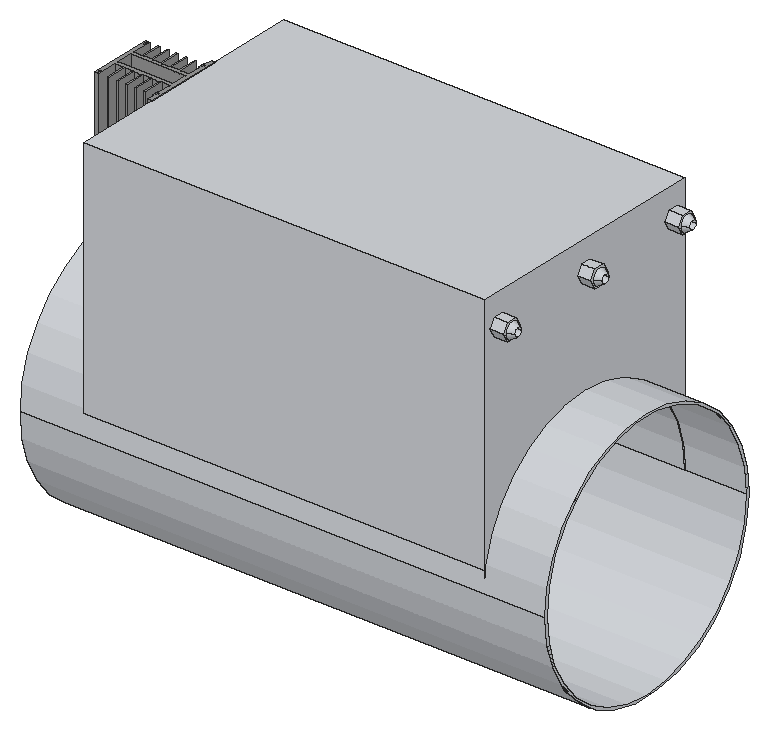
Revit family "НЕВАТОМ_Нaгреватель NEK-E, Версия 2", category Оборудование, Revit 2017
Family settings
  Размер круглого соединителя = Использовать диаметр
  Тип детали = Нормальный
  На основе рабочей плоскости = Нет
  Всегда вертикально = Да
  При загрузке вырезать с полостями = Нет
  Общий = Нет
  Точка расчета площади = Нет
Parameters (values of type "Нагреватель электрический NEK-E")
  Установка(Predict_3) Преднагрев = "см. информацию в каталоге 'Приточно-вытяжные установки', стр. 72"  # constant formula
  Установка(Predict_2) Преднагрев = "см. информацию в каталоге 'Приточно-вытяжные установки', стр. 72"  # constant formula
  Установка(Predict_1) Преднагрев = "см. информацию в каталоге 'Приточно-вытяжные установки', стр. 72"  # constant formula
  С/3 = C * 0.6  # 294 mm
  НЕВАТОМ_Минимальный расход воздуха = 420.6 m³/h
  НЕВАТОМ_URL = "https://t.me/NEVATOM_Bim_bot"
  НЕВАТОМ_NEIVA = if(and(НЕВАТОМ_Минимальный расход воздуха = 42.4 m³/h, ADSK_Номинальная мощность = 0.5 kW), "NEIVA FPV 100", if(and(НЕВАТОМ_Минимальный расход воздуха = 66.2 m³/h, ADSK_Номинальная мощность = 1.5 kW), "NEIVA FPV 100", if(and(НЕВАТОМ_Минимальный расход воздуха = 66.2 m³/h, ADSK_Номинальная мощность = 2 kW), "NEIVA FPV 100", if(and(НЕВАТОМ_Минимальный расход воздуха = 108.5 m³/h, ADSK_Номинальная мощность = 2 kW), "NEIVA FPV 300", if(and(НЕВАТОМ_Минимальный расход воздуха = 108.5 m³/h, ADSK_Номинальная мощность = 3 kW), "NEIVA FPV 300", if(and(НЕВАТОМ_Минимальный расход воздуха = 108.5 m³/h, ADSK_Номинальная мощность = 4.5 kW), "NEIVA FPV 300", if(and(НЕВАТОМ_Минимальный расход воздуха = 169.6 m³/h, ADSK_Номинальная мощность = 3 kW), "NEIVA FPV 600", if(and(НЕВАТОМ_Минимальный расход воздуха = 169.6 m³/h, ADSK_Номинальная мощность = 6 kW), "NEIVA FPV 600", if(and(НЕВАТОМ_Минимальный расход воздуха = 169.6 m³/h, ADSK_Номинальная мощность = 9 kW), "NEIVA FPV 600", if(and(НЕВАТОМ_Минимальный расход воздуха = 264.9 m³/h, ADSK_Номинальная мощность = 6 kW), "NEIVA FVP 1000", if(and(НЕВАТОМ_Минимальный расход воздуха = 264.9 m³/h, ADSK_Номинальная мощность = 9 kW), "NEIVA FVP 1000", if(and(НЕВАТОМ_Минимальный расход воздуха = 264.9 m³/h, ADSK_Номинальная мощность = 12 kW), "NEIVA FVP 1000", if(and(НЕВАТОМ_Минимальный расход воздуха = 264.9 m³/h, ADSK_Номинальная мощность = 15 kW), "NEIVA FPV 1000", if(and(НЕВАТОМ_Минимальный расход воздуха = 420.6 m³/h, ADSK_Номинальная мощность = 12 kW), "NEIVA FPV 2000", if(and(НЕВАТОМ_Минимальный расход воздуха = 420.6 m³/h, ADSK_Номинальная мощность = 15 kW), "NEIVA FPV 2000", if(and(НЕВАТОМ_Минимальный расход воздуха = 420.6 m³/h, ADSK_Номинальная мощность = 18 kW), "NEIVA FPV 2000", "нет данных"))))))))))))))))  # "NEIVA FPV 2000"
  Материал = Сталь оцинкованная
  Dy = D - 5 mm  # 315 mm
  B1 = if(and(НЕВАТОМ_Минимальный расход воздуха = 42.4 m³/h, ADSK_Номинальная мощность = 0.5 kW), 295 mm, if(and(НЕВАТОМ_Минимальный расход воздуха = 66.2 m³/h, ADSK_Номинальная мощность = 1.5 kW), 295 mm, if(and(НЕВАТОМ_Минимальный расход воздуха = 66.2 m³/h, ADSK_Номинальная мощность = 2 kW), 295 mm, if(and(НЕВАТОМ_Минимальный расход воздуха = 66.2 m³/h, ADSK_Номинальная мощность = 2.5 kW), 295 mm, if(and(НЕВАТОМ_Минимальный расход воздуха = 66.2 m³/h, ADSK_Номинальная мощность = 3 kW), 295 mm, if(and(НЕВАТОМ_Минимальный расход воздуха = 108.5 m³/h, ADSK_Номинальная мощность = 2 kW), 295 mm, if(and(НЕВАТОМ_Минимальный расход воздуха = 108.5 m³/h, ADSK_Номинальная мощность = 3 kW), 295 mm, if(and(НЕВАТОМ_Минимальный расход воздуха = 108.5 m³/h, ADSK_Номинальная мощность = 4.5 kW), 295 mm, if(and(НЕВАТОМ_Минимальный расход воздуха = 169.6 m³/h, ADSK_Номинальная мощность = 3 kW), 295 mm, if(and(НЕВАТОМ_Минимальный расход воздуха = 169.6 m³/h, ADSK_Номинальная мощность = 6 kW), 295 mm, if(and(НЕВАТОМ_Минимальный расход воздуха = 169.6 m³/h, ADSK_Номинальная мощность = 9 kW), 505 mm, if(and(НЕВАТОМ_Минимальный расход воздуха = 264.9 m³/h, ADSK_Номинальная мощность = 2 kW), 295 mm, if(and(НЕВАТОМ_Минимальный расход воздуха = 264.9 m³/h, ADSK_Номинальная мощность = 6 kW), 295 mm, if(and(НЕВАТОМ_Минимальный расход воздуха = 264.9 m³/h, ADSK_Номинальная мощность = 9 kW), 295 mm, if(and(НЕВАТОМ_Минимальный расход воздуха = 264.9 m³/h, ADSK_Номинальная мощность = 12 kW), 505 mm, if(and(НЕВАТОМ_Минимальный расход воздуха = 264.9 m³/h, ADSK_Номинальная мощность = 15 kW), 505 mm, if(and(НЕВАТОМ_Минимальный расход воздуха = 420.6 m³/h, ADSK_Номинальная мощность = 6 kW), 295 mm, if(and(НЕВАТОМ_Минимальный расход воздуха = 420.6 m³/h, ADSK_Номинальная мощность = 9 kW), 295 mm, if(and(НЕВАТОМ_Минимальный расход воздуха = 420.6 m³/h, ADSK_Номинальная мощность = 12 kW), 505 mm, if(and(НЕВАТОМ_Минимальный расход воздуха = 420.6 m³/h, ADSK_Номинальная мощность = 15 kW), 505 mm, if(and(НЕВАТОМ_Минимальный расход воздуха = 420.6 m³/h, ADSK_Номинальная мощность = 18 kW), 505 mm, 0 mm)))))))))))))))))))))  # 505 mm
  ADSK_Полная мощность = ADSK_Номинальная мощность / ADSK_Коэффициент мощности  # 32832 VA
  ADSK_Напряжение = if(and(НЕВАТОМ_Минимальный расход воздуха = 42.4 m³/h, ADSK_Номинальная мощность = 0.5 kW), 220 V, if(and(НЕВАТОМ_Минимальный расход воздуха = 66.2 m³/h, ADSK_Номинальная мощность = 1.5 kW), 220 V, if(and(НЕВАТОМ_Минимальный расход воздуха = 66.2 m³/h, ADSK_Номинальная мощность = 2 kW), 220 V, if(and(НЕВАТОМ_Минимальный расход воздуха = 66.2 m³/h, ADSK_Номинальная мощность = 2.5 kW), 220 V, if(and(НЕВАТОМ_Минимальный расход воздуха = 66.2 m³/h, ADSK_Номинальная мощность = 3 kW), 220 V, if(and(НЕВАТОМ_Минимальный расход воздуха = 108.5 m³/h, ADSK_Номинальная мощность = 2 kW), 220 V, if(and(НЕВАТОМ_Минимальный расход воздуха = 108.5 m³/h, ADSK_Номинальная мощность = 3 kW), 220 V, if(and(НЕВАТОМ_Минимальный расход воздуха = 108.5 m³/h, ADSK_Номинальная мощность = 4.5 kW), 380 V, if(and(НЕВАТОМ_Минимальный расход воздуха = 169.6 m³/h, ADSK_Номинальная мощность = 3 kW), 220 V, if(and(НЕВАТОМ_Минимальный расход воздуха = 169.6 m³/h, ADSK_Номинальная мощность = 6 kW), 380 V, if(and(НЕВАТОМ_Минимальный расход воздуха = 169.6 m³/h, ADSK_Номинальная мощность = 9 kW), 380 V, if(and(НЕВАТОМ_Минимальный расход воздуха = 264.9 m³/h, ADSK_Номинальная мощность = 2 kW), 220 V, if(and(НЕВАТОМ_Минимальный расход воздуха = 264.9 m³/h, ADSK_Номинальная мощность = 6 kW), 380 V, if(and(НЕВАТОМ_Минимальный расход воздуха = 264.9 m³/h, ADSK_Номинальная мощность = 9 kW), 380 V, if(and(НЕВАТОМ_Минимальный расход воздуха = 264.9 m³/h, ADSK_Номинальная мощность = 12 kW), 380 V, if(and(НЕВАТОМ_Минимальный расход воздуха = 264.9 m³/h, ADSK_Номинальная мощность = 15 kW), 380 V, if(and(НЕВАТОМ_Минимальный расход воздуха = 420.6 m³/h, ADSK_Номинальная мощность = 6 kW), 380 V, if(and(НЕВАТОМ_Минимальный расход воздуха = 420.6 m³/h, ADSK_Номинальная мощность = 9 kW), 380 V, if(and(НЕВАТОМ_Минимальный расход воздуха = 420.6 m³/h, ADSK_Номинальная мощность = 12 kW), 380 V, if(and(НЕВАТОМ_Минимальный расход воздуха = 420.6 m³/h, ADSK_Номинальная мощность = 15 kW), 380 V, if(and(НЕВАТОМ_Минимальный расход воздуха = 420.6 m³/h, ADSK_Номинальная мощность = 18 kW), 380 V, 0 V)))))))))))))))))))))  # 380 V
  ADSK_Коэффициент мощности = ADSK_Номинальная мощность / (ADSK_Напряжение * ADSK_Количество фаз числовое * ADSK_Ток)  # 0.54825
  ADSK_Количество фаз числовое = if(and(НЕВАТОМ_Минимальный расход воздуха = 42.4 m³/h, ADSK_Номинальная мощность = 0.5 kW), 1, if(and(НЕВАТОМ_Минимальный расход воздуха = 66.2 m³/h, ADSK_Номинальная мощность = 1.5 kW), 1, if(and(НЕВАТОМ_Минимальный расход воздуха = 66.2 m³/h, ADSK_Номинальная мощность = 2 kW), 1, if(and(НЕВАТОМ_Минимальный расход воздуха = 66.2 m³/h, ADSK_Номинальная мощность = 2.5 kW), 1, if(and(НЕВАТОМ_Минимальный расход воздуха = 66.2 m³/h, ADSK_Номинальная мощность = 3 kW), 1, if(and(НЕВАТОМ_Минимальный расход воздуха = 108.5 m³/h, ADSK_Номинальная мощность = 2 kW), 1, if(and(НЕВАТОМ_Минимальный расход воздуха = 108.5 m³/h, ADSK_Номинальная мощность = 3 kW), 1, if(and(НЕВАТОМ_Минимальный расход воздуха = 108.5 m³/h, ADSK_Номинальная мощность = 4.5 kW), 3, if(and(НЕВАТОМ_Минимальный расход воздуха = 169.6 m³/h, ADSK_Номинальная мощность = 3 kW), 1, if(and(НЕВАТОМ_Минимальный расход воздуха = 169.6 m³/h, ADSK_Номинальная мощность = 6 kW), 3, if(and(НЕВАТОМ_Минимальный расход воздуха = 169.6 m³/h, ADSK_Номинальная мощность = 9 kW), 3, if(and(НЕВАТОМ_Минимальный расход воздуха = 264.9 m³/h, ADSK_Номинальная мощность = 2 kW), 1, if(and(НЕВАТОМ_Минимальный расход воздуха = 264.9 m³/h, ADSK_Номинальная мощность = 6 kW), 3, if(and(НЕВАТОМ_Минимальный расход воздуха = 264.9 m³/h, ADSK_Номинальная мощность = 9 kW), 3, if(and(НЕВАТОМ_Минимальный расход воздуха = 264.9 m³/h, ADSK_Номинальная мощность = 12 kW), 3, if(and(НЕВАТОМ_Минимальный расход воздуха = 264.9 m³/h, ADSK_Номинальная мощность = 15 kW), 3, if(and(НЕВАТОМ_Минимальный расход воздуха = 420.6 m³/h, ADSK_Номинальная мощность = 6 kW), 3, if(and(НЕВАТОМ_Минимальный расход воздуха = 420.6 m³/h, ADSK_Номинальная мощность = 9 kW), 3, if(and(НЕВАТОМ_Минимальный расход воздуха = 420.6 m³/h, ADSK_Номинальная мощность = 12 kW), 3, if(and(НЕВАТОМ_Минимальный расход воздуха = 420.6 m³/h, ADSK_Номинальная мощность = 15 kW), 3, if(and(НЕВАТОМ_Минимальный расход воздуха = 420.6 m³/h, ADSK_Номинальная мощность = 18 kW), 3, 0)))))))))))))))))))))  # 3
  ADSK_Количество фаз [instance] = ADSK_Количество фаз числовое  # 3
  ADSK_URL документации изделия = ""
  A = if(and(НЕВАТОМ_Минимальный расход воздуха = 42.4 m³/h, ADSK_Номинальная мощность = 0.5 kW), 100 mm, if(and(НЕВАТОМ_Минимальный расход воздуха = 66.2 m³/h, ADSK_Номинальная мощность = 1.5 kW), 125 mm, if(and(НЕВАТОМ_Минимальный расход воздуха = 66.2 m³/h, ADSK_Номинальная мощность = 2 kW), 125 mm, if(and(НЕВАТОМ_Минимальный расход воздуха = 66.2 m³/h, ADSK_Номинальная мощность = 2.5 kW), 125 mm, if(and(НЕВАТОМ_Минимальный расход воздуха = 66.2 m³/h, ADSK_Номинальная мощность = 3 kW), 160 mm, if(and(НЕВАТОМ_Минимальный расход воздуха = 108.5 m³/h, ADSK_Номинальная мощность = 2 kW), 160 mm, if(and(НЕВАТОМ_Минимальный расход воздуха = 108.5 m³/h, ADSK_Номинальная мощность = 3 kW), 160 mm, if(and(НЕВАТОМ_Минимальный расход воздуха = 108.5 m³/h, ADSK_Номинальная мощность = 4.5 kW), 200 mm, if(and(НЕВАТОМ_Минимальный расход воздуха = 169.6 m³/h, ADSK_Номинальная мощность = 3 kW), 200 mm, if(and(НЕВАТОМ_Минимальный расход воздуха = 169.6 m³/h, ADSK_Номинальная мощность = 6 kW), 200 mm, if(and(НЕВАТОМ_Минимальный расход воздуха = 169.6 m³/h, ADSK_Номинальная мощность = 9 kW), 250 mm, if(and(НЕВАТОМ_Минимальный расход воздуха = 264.9 m³/h, ADSK_Номинальная мощность = 2 kW), 250 mm, if(and(НЕВАТОМ_Минимальный расход воздуха = 264.9 m³/h, ADSK_Номинальная мощность = 6 kW), 250 mm, if(and(НЕВАТОМ_Минимальный расход воздуха = 264.9 m³/h, ADSK_Номинальная мощность = 9 kW), 250 mm, if(and(НЕВАТОМ_Минимальный расход воздуха = 264.9 m³/h, ADSK_Номинальная мощность = 12 kW), 250 mm, if(and(НЕВАТОМ_Минимальный расход воздуха = 264.9 m³/h, ADSK_Номинальная мощность = 15 kW), 250 mm, if(and(НЕВАТОМ_Минимальный расход воздуха = 420.6 m³/h, ADSK_Номинальная мощность = 6 kW), 315 mm, if(and(НЕВАТОМ_Минимальный расход воздуха = 420.6 m³/h, ADSK_Номинальная мощность = 9 kW), 315 mm, if(and(НЕВАТОМ_Минимальный расход воздуха = 420.6 m³/h, ADSK_Номинальная мощность = 12 kW), 315 mm, if(and(НЕВАТОМ_Минимальный расход воздуха = 420.6 m³/h, ADSK_Номинальная мощность = 15 kW), 315 mm, if(and(НЕВАТОМ_Минимальный расход воздуха = 420.6 m³/h, ADSK_Номинальная мощность = 18 kW), 315 mm, 0 mm)))))))))))))))))))))  # 315 mm
  C = if(and(НЕВАТОМ_Минимальный расход воздуха = 42.4 m³/h, ADSK_Номинальная мощность = 0.5 kW), 220 mm, if(and(НЕВАТОМ_Минимальный расход воздуха = 66.2 m³/h, ADSK_Номинальная мощность = 1.5 kW), 252 mm, if(and(НЕВАТОМ_Минимальный расход воздуха = 66.2 m³/h, ADSK_Номинальная мощность = 2 kW), 252 mm, if(and(НЕВАТОМ_Минимальный расход воздуха = 66.2 m³/h, ADSK_Номинальная мощность = 2.5 kW), 252 mm, if(and(НЕВАТОМ_Минимальный расход воздуха = 66.2 m³/h, ADSK_Номинальная мощность = 3 kW), 252 mm, if(and(НЕВАТОМ_Минимальный расход воздуха = 108.5 m³/h, ADSK_Номинальная мощность = 2 kW), 295 mm, if(and(НЕВАТОМ_Минимальный расход воздуха = 108.5 m³/h, ADSK_Номинальная мощность = 3 kW), 295 mm, if(and(НЕВАТОМ_Минимальный расход воздуха = 108.5 m³/h, ADSK_Номинальная мощность = 4.5 kW), 295 mm, if(and(НЕВАТОМ_Минимальный расход воздуха = 169.6 m³/h, ADSK_Номинальная мощность = 3 kW), 345 mm, if(and(НЕВАТОМ_Минимальный расход воздуха = 169.6 m³/h, ADSK_Номинальная мощность = 6 kW), 345 mm, if(and(НЕВАТОМ_Минимальный расход воздуха = 169.6 m³/h, ADSK_Номинальная мощность = 9 kW), 345 mm, if(and(НЕВАТОМ_Минимальный расход воздуха = 264.9 m³/h, ADSK_Номинальная мощность = 2 kW), 410 mm, if(and(НЕВАТОМ_Минимальный расход воздуха = 264.9 m³/h, ADSK_Номинальная мощность = 6 kW), 410 mm, if(and(НЕВАТОМ_Минимальный расход воздуха = 264.9 m³/h, ADSK_Номинальная мощность = 9 kW), 410 mm, if(and(НЕВАТОМ_Минимальный расход воздуха = 264.9 m³/h, ADSK_Номинальная мощность = 12 kW), 410 mm, if(and(НЕВАТОМ_Минимальный расход воздуха = 264.9 m³/h, ADSK_Номинальная мощность = 15 kW), 410 mm, if(and(НЕВАТОМ_Минимальный расход воздуха = 420.6 m³/h, ADSK_Номинальная мощность = 6 kW), 490 mm, if(and(НЕВАТОМ_Минимальный расход воздуха = 420.6 m³/h, ADSK_Номинальная мощность = 9 kW), 490 mm, if(and(НЕВАТОМ_Минимальный расход воздуха = 420.6 m³/h, ADSK_Номинальная мощность = 12 kW), 490 mm, if(and(НЕВАТОМ_Минимальный расход воздуха = 420.6 m³/h, ADSK_Номинальная мощность = 15 kW), 490 mm, if(and(НЕВАТОМ_Минимальный расход воздуха = 420.6 m³/h, ADSK_Номинальная мощность = 18 kW), 490 mm, 0 mm)))))))))))))))))))))  # 490 mm
  B = if(and(НЕВАТОМ_Минимальный расход воздуха = 42.4 m³/h, ADSK_Номинальная мощность = 0.5 kW), 450 mm, if(and(НЕВАТОМ_Минимальный расход воздуха = 66.2 m³/h, ADSK_Номинальная мощность = 1.5 kW), 450 mm, if(and(НЕВАТОМ_Минимальный расход воздуха = 66.2 m³/h, ADSK_Номинальная мощность = 2 kW), 450 mm, if(and(НЕВАТОМ_Минимальный расход воздуха = 66.2 m³/h, ADSK_Номинальная мощность = 2.5 kW), 450 mm, if(and(НЕВАТОМ_Минимальный расход воздуха = 66.2 m³/h, ADSK_Номинальная мощность = 3 kW), 450 mm, if(and(НЕВАТОМ_Минимальный расход воздуха = 108.5 m³/h, ADSK_Номинальная мощность = 2 kW), 450 mm, if(and(НЕВАТОМ_Минимальный расход воздуха = 108.5 m³/h, ADSK_Номинальная мощность = 3 kW), 450 mm, if(and(НЕВАТОМ_Минимальный расход воздуха = 108.5 m³/h, ADSK_Номинальная мощность = 4.5 kW), 450 mm, if(and(НЕВАТОМ_Минимальный расход воздуха = 169.6 m³/h, ADSK_Номинальная мощность = 3 kW), 450 mm, if(and(НЕВАТОМ_Минимальный расход воздуха = 169.6 m³/h, ADSK_Номинальная мощность = 6 kW), 450 mm, if(and(НЕВАТОМ_Минимальный расход воздуха = 169.6 m³/h, ADSK_Номинальная мощность = 9 kW), 660 mm, if(and(НЕВАТОМ_Минимальный расход воздуха = 264.9 m³/h, ADSK_Номинальная мощность = 2 kW), 450 mm, if(and(НЕВАТОМ_Минимальный расход воздуха = 264.9 m³/h, ADSK_Номинальная мощность = 6 kW), 450 mm, if(and(НЕВАТОМ_Минимальный расход воздуха = 264.9 m³/h, ADSK_Номинальная мощность = 9 kW), 450 mm, if(and(НЕВАТОМ_Минимальный расход воздуха = 264.9 m³/h, ADSK_Номинальная мощность = 12 kW), 660 mm, if(and(НЕВАТОМ_Минимальный расход воздуха = 264.9 m³/h, ADSK_Номинальная мощность = 15 kW), 660 mm, if(and(НЕВАТОМ_Минимальный расход воздуха = 420.6 m³/h, ADSK_Номинальная мощность = 6 kW), 450 mm, if(and(НЕВАТОМ_Минимальный расход воздуха = 420.6 m³/h, ADSK_Номинальная мощность = 9 kW), 450 mm, if(and(НЕВАТОМ_Минимальный расход воздуха = 420.6 m³/h, ADSK_Номинальная мощность = 12 kW), 660 mm, if(and(НЕВАТОМ_Минимальный расход воздуха = 420.6 m³/h, ADSK_Номинальная мощность = 15 kW), 660 mm, if(and(НЕВАТОМ_Минимальный расход воздуха = 420.6 m³/h, ADSK_Номинальная мощность = 18 kW), 660 mm, 0 mm)))))))))))))))))))))  # 660 mm
  ADSK_Ток = if(and(НЕВАТОМ_Минимальный расход воздуха = 42.4 m³/h, ADSK_Номинальная мощность = 0.5 kW), 2.4 A, if(and(НЕВАТОМ_Минимальный расход воздуха = 66.2 m³/h, ADSK_Номинальная мощность = 1.5 kW), 7.2 A, if(and(НЕВАТОМ_Минимальный расход воздуха = 66.2 m³/h, ADSK_Номинальная мощность = 2 kW), 9.6 A, if(and(НЕВАТОМ_Минимальный расход воздуха = 66.2 m³/h, ADSK_Номинальная мощность = 2.5 kW), 12 A, if(and(НЕВАТОМ_Минимальный расход воздуха = 66.2 m³/h, ADSK_Номинальная мощность = 3 kW), 14.4 A, if(and(НЕВАТОМ_Минимальный расход воздуха = 108.5 m³/h, ADSK_Номинальная мощность = 2 kW), 9.6 A, if(and(НЕВАТОМ_Минимальный расход воздуха = 108.5 m³/h, ADSK_Номинальная мощность = 3 kW), 14.4 A, if(and(НЕВАТОМ_Минимальный расход воздуха = 108.5 m³/h, ADSK_Номинальная мощность = 4.5 kW), 7.2 A, if(and(НЕВАТОМ_Минимальный расход воздуха = 169.6 m³/h, ADSK_Номинальная мощность = 3 kW), 14.4 A, if(and(НЕВАТОМ_Минимальный расход воздуха = 169.6 m³/h, ADSK_Номинальная мощность = 6 kW), 9.6 A, if(and(НЕВАТОМ_Минимальный расход воздуха = 169.6 m³/h, ADSK_Номинальная мощность = 9 kW), 14.4 A, if(and(НЕВАТОМ_Минимальный расход воздуха = 264.9 m³/h, ADSK_Номинальная мощность = 2 kW), 9.6 A, if(and(НЕВАТОМ_Минимальный расход воздуха = 264.9 m³/h, ADSK_Номинальная мощность = 6 kW), 9.6 A, if(and(НЕВАТОМ_Минимальный расход воздуха = 264.9 m³/h, ADSK_Номинальная мощность = 9 kW), 14.4 A, if(and(НЕВАТОМ_Минимальный расход воздуха = 264.9 m³/h, ADSK_Номинальная мощность = 12 kW), 19.2 A, if(and(НЕВАТОМ_Минимальный расход воздуха = 264.9 m³/h, ADSK_Номинальная мощность = 15 kW), 24 A, if(and(НЕВАТОМ_Минимальный расход воздуха = 420.6 m³/h, ADSK_Номинальная мощность = 6 kW), 9.6 A, if(and(НЕВАТОМ_Минимальный расход воздуха = 420.6 m³/h, ADSK_Номинальная мощность = 9 kW), 14.4 A, if(and(НЕВАТОМ_Минимальный расход воздуха = 420.6 m³/h, ADSK_Номинальная мощность = 12 kW), 19.2 A, if(and(НЕВАТОМ_Минимальный расход воздуха = 420.6 m³/h, ADSK_Номинальная мощность = 15 kW), 24 A, if(and(НЕВАТОМ_Минимальный расход воздуха = 420.6 m³/h, ADSK_Номинальная мощность = 18 kW), 28.8 A, 0 A)))))))))))))))))))))  # 28.8 A
  ADSK_Температура воздуха на выходе из нагревателя = -10 °C
  ADSK_Температура воздуха на входе в нагреватель = -37 °C
  ADSK_Примечание = "Подбор через ADSK_Номинальная мощность и НЕВАТОМ_Минимальный расход воздуха"
  ADSK_Позиция = ""
  ADSK_Номинальная мощность = 18 kW
  ADSK_Наименование = "Нагреватель электрический круглый с комплектом автоматики"  # constant formula
  ADSK_Масса = if(and(НЕВАТОМ_Минимальный расход воздуха = 42.4 m³/h, ADSK_Номинальная мощность = 0.5 kW), 1.5, if(and(НЕВАТОМ_Минимальный расход воздуха = 66.2 m³/h, ADSK_Номинальная мощность = 1.5 kW), 1.9, if(and(НЕВАТОМ_Минимальный расход воздуха = 66.2 m³/h, ADSK_Номинальная мощность = 2 kW), 2.3, if(and(НЕВАТОМ_Минимальный расход воздуха = 66.2 m³/h, ADSK_Номинальная мощность = 2.5 kW), 2.7, if(and(НЕВАТОМ_Минимальный расход воздуха = 66.2 m³/h, ADSK_Номинальная мощность = 3 kW), 3.1, if(and(НЕВАТОМ_Минимальный расход воздуха = 108.5 m³/h, ADSK_Номинальная мощность = 2 kW), 2.7, if(and(НЕВАТОМ_Минимальный расход воздуха = 108.5 m³/h, ADSK_Номинальная мощность = 3 kW), 2.9, if(and(НЕВАТОМ_Минимальный расход воздуха = 108.5 m³/h, ADSK_Номинальная мощность = 4.5 kW), 3.3, if(and(НЕВАТОМ_Минимальный расход воздуха = 169.6 m³/h, ADSK_Номинальная мощность = 3 kW), 3.3, if(and(НЕВАТОМ_Минимальный расход воздуха = 169.6 m³/h, ADSK_Номинальная мощность = 6 kW), 4.1, if(and(НЕВАТОМ_Минимальный расход воздуха = 169.6 m³/h, ADSK_Номинальная мощность = 9 kW), 5.3, if(and(НЕВАТОМ_Минимальный расход воздуха = 264.9 m³/h, ADSK_Номинальная мощность = 2 kW), 5.3, if(and(НЕВАТОМ_Минимальный расход воздуха = 264.9 m³/h, ADSK_Номинальная мощность = 6 kW), 5.7, if(and(НЕВАТОМ_Минимальный расход воздуха = 264.9 m³/h, ADSK_Номинальная мощность = 9 kW), 6.1, if(and(НЕВАТОМ_Минимальный расход воздуха = 264.9 m³/h, ADSK_Номинальная мощность = 12 kW), 8.7, if(and(НЕВАТОМ_Минимальный расход воздуха = 264.9 m³/h, ADSK_Номинальная мощность = 15 kW), 8.9, if(and(НЕВАТОМ_Минимальный расход воздуха = 420.6 m³/h, ADSK_Номинальная мощность = 6 kW), 6.9, if(and(НЕВАТОМ_Минимальный расход воздуха = 420.6 m³/h, ADSK_Номинальная мощность = 9 kW), 7.2, if(and(НЕВАТОМ_Минимальный расход воздуха = 420.6 m³/h, ADSK_Номинальная мощность = 12 kW), 9.9, if(and(НЕВАТОМ_Минимальный расход воздуха = 420.6 m³/h, ADSK_Номинальная мощность = 15 kW), 10, if(and(НЕВАТОМ_Минимальный расход воздуха = 420.6 m³/h, ADSK_Номинальная мощность = 18 kW), 10.7, 0)))))))))))))))))))))  # 10.7
  ADSK_Марка = if(and(НЕВАТОМ_Минимальный расход воздуха = 42.4 m³/h, ADSK_Номинальная мощность = 0.5 kW), "NEK-E 100/0.5", if(and(НЕВАТОМ_Минимальный расход воздуха = 66.2 m³/h, ADSK_Номинальная мощность = 1.5 kW), "NEK-E 125/1.5", if(and(НЕВАТОМ_Минимальный расход воздуха = 66.2 m³/h, ADSK_Номинальная мощность = 2 kW), "NEK-E 125/2", if(and(НЕВАТОМ_Минимальный расход воздуха = 66.2 m³/h, ADSK_Номинальная мощность = 2.5 kW), "NEK-E 125/2.5", if(and(НЕВАТОМ_Минимальный расход воздуха = 66.2 m³/h, ADSK_Номинальная мощность = 3 kW), "NEK-E 125/3", if(and(НЕВАТОМ_Минимальный расход воздуха = 108.5 m³/h, ADSK_Номинальная мощность = 2 kW), "NEK-E 160/2", if(and(НЕВАТОМ_Минимальный расход воздуха = 108.5 m³/h, ADSK_Номинальная мощность = 3 kW), "NEK-E 160/3", if(and(НЕВАТОМ_Минимальный расход воздуха = 108.5 m³/h, ADSK_Номинальная мощность = 4.5 kW), "NEK-E 160/4.5", if(and(НЕВАТОМ_Минимальный расход воздуха = 169.6 m³/h, ADSK_Номинальная мощность = 3 kW), "NEK-E 200/3", if(and(НЕВАТОМ_Минимальный расход воздуха = 169.6 m³/h, ADSK_Номинальная мощность = 6 kW), "NEK-E 200/6", if(and(НЕВАТОМ_Минимальный расход воздуха = 169.6 m³/h, ADSK_Номинальная мощность = 9 kW), "NEK-E 200/9", if(and(НЕВАТОМ_Минимальный расход воздуха = 264.9 m³/h, ADSK_Номинальная мощность = 2 kW), "NEK-E 250/2", if(and(НЕВАТОМ_Минимальный расход воздуха = 264.9 m³/h, ADSK_Номинальная мощность = 6 kW), "NEK-E 250/6", if(and(НЕВАТОМ_Минимальный расход воздуха = 264.9 m³/h, ADSK_Номинальная мощность = 9 kW), "NEK-E 250/9", if(and(НЕВАТОМ_Минимальный расход воздуха = 264.9 m³/h, ADSK_Номинальная мощность = 12 kW), "NEK-E 250/12", if(and(НЕВАТОМ_Минимальный расход воздуха = 264.9 m³/h, ADSK_Номинальная мощность = 15 kW), "NEK-E 250/15", if(and(НЕВАТОМ_Минимальный расход воздуха = 420.6 m³/h, ADSK_Номинальная мощность = 6 kW), "NEK-E 315/6", if(and(НЕВАТОМ_Минимальный расход воздуха = 420.6 m³/h, ADSK_Номинальная мощность = 9 kW), "NEK-E 315/9", if(and(НЕВАТОМ_Минимальный расход воздуха = 420.6 m³/h, ADSK_Номинальная мощность = 12 kW), "NEK-E 315/12", if(and(НЕВАТОМ_Минимальный расход воздуха = 420.6 m³/h, ADSK_Номинальная мощность = 15 kW), "NEK-E 315/15", if(and(НЕВАТОМ_Минимальный расход воздуха = 420.6 m³/h, ADSK_Номинальная мощность = 18 kW), "NEK-E 315/18", "нет в каталоге")))))))))))))))))))))  # "NEK-E 315/18"
  ADSK_Количество = 1
  ADSK_Код изделия = ""
  ADSK_Завод-изготовитель = "НЕВАТОМ"  # constant formula
  ADSK_Единица измерения = "шт."  # constant formula
  ADSK_URL страницы изделия = "https://www.nevatom.ru/upload/iblock/ffc/NEVATOM_Nagrevateli_20220420.pdf"
  D = if(and(НЕВАТОМ_Минимальный расход воздуха = 42.4 m³/h, ADSK_Номинальная мощность = 0.5 kW), 105 mm, if(and(НЕВАТОМ_Минимальный расход воздуха = 66.2 m³/h, ADSK_Номинальная мощность = 1.5 kW), 130 mm, if(and(НЕВАТОМ_Минимальный расход воздуха = 66.2 m³/h, ADSK_Номинальная мощность = 2 kW), 130 mm, if(and(НЕВАТОМ_Минимальный расход воздуха = 66.2 m³/h, ADSK_Номинальная мощность = 2.5 kW), 130 mm, if(and(НЕВАТОМ_Минимальный расход воздуха = 66.2 m³/h, ADSK_Номинальная мощность = 3 kW), 130 mm, if(and(НЕВАТОМ_Минимальный расход воздуха = 108.5 m³/h, ADSK_Номинальная мощность = 2 kW), 165 mm, if(and(НЕВАТОМ_Минимальный расход воздуха = 108.5 m³/h, ADSK_Номинальная мощность = 3 kW), 165 mm, if(and(НЕВАТОМ_Минимальный расход воздуха = 108.5 m³/h, ADSK_Номинальная мощность = 4.5 kW), 165 mm, if(and(НЕВАТОМ_Минимальный расход воздуха = 169.6 m³/h, ADSK_Номинальная мощность = 3 kW), 205 mm, if(and(НЕВАТОМ_Минимальный расход воздуха = 169.6 m³/h, ADSK_Номинальная мощность = 6 kW), 205 mm, if(and(НЕВАТОМ_Минимальный расход воздуха = 169.6 m³/h, ADSK_Номинальная мощность = 9 kW), 205 mm, if(and(НЕВАТОМ_Минимальный расход воздуха = 264.9 m³/h, ADSK_Номинальная мощность = 2 kW), 255 mm, if(and(НЕВАТОМ_Минимальный расход воздуха = 264.9 m³/h, ADSK_Номинальная мощность = 6 kW), 255 mm, if(and(НЕВАТОМ_Минимальный расход воздуха = 264.9 m³/h, ADSK_Номинальная мощность = 9 kW), 255 mm, if(and(НЕВАТОМ_Минимальный расход воздуха = 264.9 m³/h, ADSK_Номинальная мощность = 12 kW), 255 mm, if(and(НЕВАТОМ_Минимальный расход воздуха = 264.9 m³/h, ADSK_Номинальная мощность = 15 kW), 255 mm, if(and(НЕВАТОМ_Минимальный расход воздуха = 420.6 m³/h, ADSK_Номинальная мощность = 6 kW), 320 mm, if(and(НЕВАТОМ_Минимальный расход воздуха = 420.6 m³/h, ADSK_Номинальная мощность = 9 kW), 320 mm, if(and(НЕВАТОМ_Минимальный расход воздуха = 420.6 m³/h, ADSK_Номинальная мощность = 12 kW), 320 mm, if(and(НЕВАТОМ_Минимальный расход воздуха = 420.6 m³/h, ADSK_Номинальная мощность = 15 kW), 320 mm, if(and(НЕВАТОМ_Минимальный расход воздуха = 420.6 m³/h, ADSK_Номинальная мощность = 18 kW), 320 mm, 0 mm)))))))))))))))))))))  # 320 mm
Reference planes
  plane 1 "По центру (Вперед/Назад)": y = 0
  plane 2: z = 0
  plane 3 "По центру (Влево/Вправо)": x = 0
  plane 4: x = 330
  plane 5: x = -330
  plane 6: y = -157.5
  plane 7: y = 157.5
  plane 8: z = 294
Forms (mm)
  Extrusion 1, solid, detail levels medium+fine
    sketch origin (0, 0, 0) x (0, 1, 0) y (0, 0, 1)
      loop
        circle (0, 0) r 160
      loop
        circle (0, 0) r 157.5
    from -330 to 330
  Extrusion 2, solid, detail levels medium+fine
    sketch origin (0, 0, 0) x (1, 0, 0) y (0, 1, 0)
      loop
        line (-252.5, 157.5) -> (-252.5, -157.5) -> (252.5, -157.5) -> (252.5, 157.5) -> (-252.5, 157.5)
    from 0 to 330
  Extrusion 3, void
    sketch origin (0, 0, 0) x (0, 1, 0) y (0, 0, 1)
      loop
        circle (0, 0) r 157.5
    from -330 to 330
Cuts and joins
  Extrusion 3 cuts Extrusion 1
  Extrusion 3 cuts Extrusion 2
Dimensions and locks
  equal spacing: plane 5, plane 3 "По центру (Влево/Вправо)", plane 4
  "B": plane 5 to plane 4
  nested 1 to level = 225 mm
  plane 4 to plane 5 = 660 mm
  equal spacing: Extrusion 2 sketch curve, plane 1 "По центру (Вперед/Назад)", Extrusion 2 sketch curve
  "A": Extrusion 2 sketch curve to Extrusion 2 sketch curve
  "C": Extrusion 2 to Extrusion 1
  equal spacing: Extrusion 2 sketch curve, plane 3 "По центру (Влево/Вправо)", Extrusion 2 sketch curve
  "B1": Extrusion 2 sketch curve to Extrusion 2 sketch curve
  equal spacing: plane 6, plane 1 "По центру (Вперед/Назад)", plane 7
  "A": plane 6 to plane 7
  locked: plane 6 to nested 4 at 7.315
  "С/3": plane 8 to level
  "D": diameter of Extrusion 1 sketch curve
  "Dy": diameter of Extrusion 1 sketch curve
  "Dy": diameter of Extrusion 3 sketch curve
  aligned and locked: level to plane 2
  aligned and locked: nested 1 to plane 1 "По центру (Вперед/Назад)"
  aligned and locked: Extrusion 1 to plane 5
  aligned and locked: Extrusion 3 to plane 5
  aligned and locked: plane 4 to Extrusion 3
  aligned and locked: nested 1 to cut or joined group of Extrusion 2, Extrusion 3
  aligned and locked: cut or joined group of Extrusion 2, Extrusion 3 to nested 1
  aligned and locked: plane 4 to Extrusion 1
  aligned and locked: nested 2 to plane 1 "По центру (Вперед/Назад)"
  aligned and locked: cut or joined group of Extrusion 2, Extrusion 3 to plane 6
  aligned and locked: plane 7 to cut or joined group of Extrusion 2, Extrusion 3
  aligned and locked: nested 4 to plane 8
  aligned and locked: nested 2 to plane 8
  aligned and locked: nested 3 to plane 8
Automatic sketch dimensions
  Extrusion 1 sketch curve to Extrusion 1 sketch curve = 0 mm  (x2)
  Extrusion 1 sketch curve to level = 0 mm
  Extrusion 1 sketch curve to plane 1 "По центру (Вперед/Назад)" = 0 mm
  Extrusion 3 sketch curve to level = 0 mm
  Extrusion 3 sketch curve to plane 1 "По центру (Вперед/Назад)" = 0 mm
Nested families
  nested 1: "НЕВАТОМ_Радиатор 3SSR" at (-292.5, 0, 225) x (0, 1, 0) z (0, 0, 1), type "Радиатор для 3-фазного твердотельного реле 3SSR", detail levels medium+fine
  nested 2: "NEVATOM_кабельный ввод PG11" at (252.5, 0, 294) x (0, 1, 0) z (1, 0, 0), type "PG11", detail levels medium+fine
  nested 3: "NEVATOM_кабельный ввод PG11" at (252.5, 137.5, 294) x (0, 1, 0) z (1, 0, 0), type "PG11", detail levels medium+fine
  nested 4: "NEVATOM_кабельный ввод PG11" at (252.5, -137.5, 294) x (0, 1, 0) z (1, 0, 0), type "PG11", detail levels medium+fine
  nested 5: "НЕВАТОМ_УГО_Нагреватель NEK-E" at (0, 0, 0), B УГО <- "B", D УГО <- "D", type "НЕВАТОМ_УГО_Нагреватель NEK-E"
    with b 165 mm, D УГО 320 mm, B УГО 660 mm
Connectors
  hvac at (330, 0, 0), driven by "D", driven by "НЕВАТОМ_Минимальный расход воздуха"
    settings: on cut or joined group of Extrusion 1, Extrusion 3, index 1, duct flow 420.6 m³/h, flow factor 0, pres drop 0.0 Pa, loss coef 0, conn angle 0.00°, conn width 304.8 mm, conn height 304.8 mm, conn diameter 320 mm, duct sys type 29, conn prof type 0, flow config 0, flow direction 0, loss method 0, conn ref index -1, conn util no, is conn primary yes, conn desc ""
  hvac at (-330, 0, 0), driven by "D", driven by "НЕВАТОМ_Минимальный расход воздуха"
    settings: on cut or joined group of Extrusion 1, Extrusion 3, index 2, duct flow 420.6 m³/h, flow factor 0, pres drop 0.0 Pa, loss coef 0, conn angle 0.00°, conn width 304.8 mm, conn height 304.8 mm, conn diameter 320 mm, duct sys type 29, conn prof type 0, flow config 0, flow direction 0, loss method 0, conn ref index -1, conn util no, is conn primary no, conn desc ""
  electrical at (270.5, 0, 294), driven by "ADSK_Напряжение", driven by "ADSK_Полная мощность", driven by "ADSK_Коэффициент мощности", driven by "ADSK_Количество фаз"
    settings: on nested 2, index 3, voltage 380 V, apparent load 32832 VA, apparent load phase1 0 VA, apparent load phase2 0 VA, apparent load phase3 0 VA, power factor 0.54825, load classification "ОВК", number of poles 3, system type 30, power factor state 1, is connector primary yes, connector utility no, sub classification motor no, connector description "Соединитель N2"
  electrical at (270.5, 137.5, 294), driven by "ADSK_Напряжение", driven by "ADSK_Полная мощность", driven by "ADSK_Коэффициент мощности", driven by "ADSK_Полная мощность", driven by "ADSK_Количество фаз"
    settings: on nested 3, index 4, voltage 380 V, apparent load 32832 VA, apparent load phase1 32832 VA, apparent load phase2 0 VA, apparent load phase3 0 VA, power factor 0.54825, load classification "ОВК", number of poles 3, system type 30, power factor state 1, is connector primary no, connector utility no, sub classification motor no, connector description "Соединитель N3"
  electrical at (270.5, -137.5, 294), driven by "ADSK_Напряжение", driven by "ADSK_Полная мощность", driven by "ADSK_Коэффициент мощности", driven by "ADSK_Количество фаз"
    settings: on nested 4, index 5, voltage 380 V, apparent load 32832 VA, apparent load phase1 0 VA, apparent load phase2 0 VA, apparent load phase3 0 VA, power factor 0.54825, load classification "ОВК", number of poles 3, system type 30, power factor state 1, is connector primary no, connector utility no, sub classification motor no, connector description "Соединитель N1"
Definition of nested family "НЕВАТОМ_Радиатор 3SSR"
  Parameters (values of type "Радиатор для 3-фазного твердотельного реле 3SSR")
    Материал = none
    ADSK_Позиция = ""
    ADSK_Обозначение = ""
    ADSK_Наименование = "Радиатор 3SSR"  # constant formula
    ADSK_Материал наименование = ""
    ADSK_Масса = 0
    ADSK_Количество = 1
    ADSK_Код изделия = ""
    ADSK_Завод-изготовитель = "ARK7"  # constant formula
    ADSK_Единица измерения = "шт."  # constant formula
    ADSK_URL страницы изделия = ""
  Reference planes
    plane 1 "По центру (Вперед/Назад)": y = 0
    plane 2: z = 0
    plane 3 "По центру (Влево/Вправо)": x = 0
  Forms (mm)
    Extrusion 1, solid, material <- "Материал"
      sketch origin (0, 0, 0) x (1, 0, 0) y (0, 1, 0)
        loop
          line (-10.033, 35.034) -> (-10.033, -35) -> (10.025, -35) -> (10.025, 35.034) -> (-10.033, 35.034)
        loop
          line (-15.033, 35.034) -> (-15.033, 24.073) -> (-39.49, 24.073) -> (-39.49, 22.049) -> (-15.033, 22.049) -> (-15.033, 12.535) -> (-39.49, 12.535) -> (-39.49, 10.54) -> (-15.033, 10.54) -> (-15.033, 1.009) -> (-39.49, 1.009) -> (-39.49, -1.015) -> (-15.033, -1.015) -> (-15.033, -10.551) -> (-39.49, -10.551) -> (-39.49, -12.512) -> (-15.033, -12.512) -> (-15.033, -22.046) -> (-39.49, -22.046) -> (-39.49, -24.001) -> (-15.033, -24.001) -> (-15.033, -35) -> (-32.013, -35) -> (-32.013, -33.017) -> (-40, -33.017) -> (-40, -35) -> (-50, -35) -> (-50, -40) -> (50, -40) -> (50, -35) -> (40, -35) -> (40, -33.017) -> (32.031, -33.017) -> (32.031, -35) -> (15.025, -35) -> (15.025, -24.001) -> (39.545, -24.001) -> (39.545, -22.046) -> (15.025, -22.046) -> (15.025, -12.512) -> (39.545, -12.512) -> (39.545, -10.551) -> (15.025, -10.551) -> (15.025, -1.015) -> (39.545, -1.015) -> (39.545, 1.009) -> (15.025, 1.009) -> (15.025, 10.54) -> (39.545, 10.54) -> (39.545, 12.535) -> (15.025, 12.535) -> (15.025, 22.049) -> (39.545, 22.049) -> (39.545, 24.073) -> (15.025, 24.073) -> (15.025, 35.034) -> (40, 35.034) -> (40, 40) -> (-40, 40) -> (-40, 35.034) -> (-15.033, 35.034)
        loop
          circle (-36.032, -35.776) r 1.572
        loop
          circle (36.007, -35.816) r 1.634
        loop
          circle (35.983, 36.776) r 1.181
        loop
          circle (-35.971, 36.769) r 1.244
      from 0 to 105
  Lines and regions (mm)
    reference lines
      curve 1: line (0, -40, 0) -> (-50, -40, 0)
      curve 2: line (0, -40, 0) -> (50, -40, 0)
      curve 3: line (-50, -40, 0) -> (-50, -35, 0)
      curve 4: line (-50, -35, 0) -> (-40, -35, 0)
      curve 5: line (-40, -35, 0) -> (-40, -33.017, 0)
      curve 6: line (-40, -33.017, 0) -> (-32.013, -33.017, 0)
      curve 7: line (-32.013, -33.017, 0) -> (-32.013, -35, 0)
      curve 8: line (-32.013, -35, 0) -> (-15.033, -35, 0)
      curve 9: line (50, -40, 0) -> (50, -35, 0)
      curve 10: line (50, -35, 0) -> (40, -35, 0)
      curve 11: line (40, -35, 0) -> (40, -33.017, 0)
      curve 12: line (40, -33.017, 0) -> (32.031, -33.017, 0)
      curve 13: line (32.031, -33.017, 0) -> (32.031, -35, 0)
      curve 14: line (32.031, -35, 0) -> (15.025, -35, 0)
      curve 15: line (-15.033, -35, 0) -> (-15.033, -24.001, 0)
      curve 16: line (15.025, -35, 0) -> (15.025, -24.001, 0)
      curve 17: line (-15.033, -24.001, 0) -> (-39.49, -24.001, 0)
      curve 18: line (-39.49, -24.001, 0) -> (-39.49, -22.046, 0)
      curve 19: line (-39.49, -22.046, 0) -> (-15.033, -22.046, 0)
      curve 20: line (15.025, -24.001, 0) -> (39.545, -24.001, 0)
      curve 21: line (39.545, -24.001, 0) -> (39.545, -22.046, 0)
      curve 22: line (39.545, -22.046, 0) -> (15.025, -22.046, 0)
      curve 23: line (-15.033, -22.046, 0) -> (-15.033, -12.512, 0)
      curve 24: line (-15.033, -12.512, 0) -> (-39.49, -12.512, 0)
      curve 25: line (-39.49, -12.512, 0) -> (-39.49, -10.551, 0)
      curve 26: line (-39.49, -10.551, 0) -> (-15.033, -10.551, 0)
      curve 27: line (15.025, -22.046, 0) -> (15.025, -12.512, 0)
      curve 28: line (15.025, -12.512, 0) -> (39.545, -12.512, 0)
      curve 29: line (39.545, -12.512, 0) -> (39.545, -10.551, 0)
      curve 30: line (39.545, -10.551, 0) -> (15.025, -10.551, 0)
      curve 31: line (-15.033, -10.551, 0) -> (-15.033, -1.015, 0)
      curve 32: line (-15.033, -1.015, 0) -> (-39.49, -1.015, 0)
      curve 33: line (-39.49, -1.015, 0) -> (-39.49, 1.009, 0)
      curve 34: line (-39.49, 1.009, 0) -> (-15.033, 1.009, 0)
      curve 35: line (15.025, -10.551, 0) -> (15.025, -1.015, 0)
      curve 36: line (15.025, -1.015, 0) -> (39.545, -1.015, 0)
      curve 37: line (39.545, -1.015, 0) -> (39.545, 1.009, 0)
      curve 38: line (39.545, 1.009, 0) -> (15.025, 1.009, 0)
      curve 39: line (-15.033, 1.009, 0) -> (-15.033, 10.54, 0)
      curve 40: line (-15.033, 10.54, 0) -> (-39.49, 10.54, 0)
      curve 41: line (-39.49, 10.54, 0) -> (-39.49, 12.535, 0)
      curve 42: line (-39.49, 12.535, 0) -> (-15.033, 12.535, 0)
      curve 43: line (15.025, 1.009, 0) -> (15.025, 10.54, 0)
      curve 44: line (15.025, 10.54, 0) -> (39.545, 10.54, 0)
      curve 45: line (39.545, 10.54, 0) -> (39.545, 12.535, 0)
      curve 46: line (39.545, 12.535, 0) -> (15.025, 12.535, 0)
      curve 47: line (-15.033, 12.535, 0) -> (-15.033, 22.049, 0)
      curve 48: line (-15.033, 22.049, 0) -> (-39.49, 22.049, 0)
      curve 49: line (-39.49, 22.049, 0) -> (-39.49, 24.073, 0)
      curve 50: line (-39.49, 24.073, 0) -> (-15.033, 24.073, 0)
      curve 51: line (15.025, 12.535, 0) -> (15.025, 22.049, 0)
      curve 52: line (15.025, 22.049, 0) -> (39.545, 22.049, 0)
      curve 53: line (39.545, 22.049, 0) -> (39.545, 24.073, 0)
      curve 54: line (39.545, 24.073, 0) -> (15.025, 24.073, 0)
      curve 55: line (-15.033, 24.073, 0) -> (-15.033, 35.034, 0)
      curve 56: line (15.025, 24.073, 0) -> (15.025, 35.034, 0)
      curve 57: line (-15.033, 35.034, 0) -> (-40, 35.034, 0)
      curve 58: line (-40, 35.034, 0) -> (-40, 40, 0)
      curve 59: line (-40, 40, 0) -> (40, 40, 0)
      curve 60: line (40, 40, 0) -> (40, 35.034, 0)
      curve 61: line (40, 35.034, 0) -> (15.025, 35.034, 0)
      curve 62: line (-10.033, 35.034, 0) -> (10.025, 35.034, 0)
      curve 63: line (-10.033, 35.034, 0) -> (-10.033, -35, 0)
      curve 64: line (-10.033, -35, 0) -> (10.025, -35, 0)
      curve 65: line (10.025, -35, 0) -> (10.025, 35.034, 0)
      curve 66: circle (-36.032, -35.776, 0) r 1.572 normal (0, 0, 1)
      curve 67: circle (36.007, -35.816, 0) r 1.634 normal (0, 0, 1)
      curve 68: circle (-35.971, 36.769, 0) r 1.244 normal (0, 0, 1)
      curve 69: circle (35.983, 36.776, 0) r 1.181 normal (0, 0, 1)
  Dimensions and locks
    aligned and locked: level to plane 2
Definition of nested family "NEVATOM_кабельный ввод PG11"
  Parameters (values of type "PG11")
    Default Elevation = 1219.2 mm
    d = 10 mm
    b = 25.371 mm
    a = 21.972 mm
    H = 26 mm
  Reference planes
    plane 1 "По центру (Вперед/Назад)": y = 0
    plane 2: z = 0
    plane 3 "По центру (Влево/Вправо)": x = 0
    plane 4: z = 26
    plane 5: z = 18
    plane 6: x = -12.685
  Forms (mm)
    Extrusion 1, solid
      sketch origin (0, 0, 0) x (1, 0, 0) y (0, 1, 0)
        loop
          line (12.685, 0) -> (6.343, 10.986) -> (-6.343, 10.986) -> (-12.685, 0) -> (-6.343, -10.986) -> (6.343, -10.986) -> (12.685, 0)
        loop
          circle (0, 0) r 5
      from 0 to 18
    Blend 2, solid
      base sketch origin (0, 0, 0) x (1, 0, 0) y (0, 1, 0)
        loop
          circle (0, 0) r 10
      top sketch origin (0, 0, 0) x (1, 0, 0) y (0, 1, 0)
        loop
          circle (0, 0) r 5
      from 18 to 26
    Extrusion 3, void
      sketch origin (0, 0, 0) x (1, 0, 0) y (0, 1, 0)
        loop
          circle (0, 0) r 5.415
      from 0 to 26
  Cuts and joins
    Extrusion 3 cuts Extrusion 1
    Extrusion 3 cuts Blend 2
  Dimensions and locks
    "H": plane 4 to level
    aligned and locked: level to plane 2
  Automatic sketch dimensions
    plane 1 "По центру (Вперед/Назад)" to Extrusion 1 sketch curve = 0 mm  (x3)
    Extrusion 1 sketch curve to plane 6 = 0 mm
    Extrusion 1 sketch curve to plane 3 "По центру (Влево/Вправо)" = 0 mm
    Extrusion 1 sketch curve to plane 3 "По центру (Влево/Вправо)" = 6.343 mm  (x2)
    plane 3 "По центру (Влево/Вправо)" to Extrusion 1 sketch curve = 6.343 mm  (x2)
    Extrusion 1 sketch curve to Extrusion 1 sketch curve = 6.343 mm
    plane 1 "По центру (Вперед/Назад)" to Extrusion 1 sketch curve = 10.986 mm
    Extrusion 1 sketch curve to plane 1 "По центру (Вперед/Назад)" = 10.986 mm
    plane 1 "По центру (Вперед/Назад)" to Blend 2 sketch curve = 0 mm  (x2)
    Blend 2 sketch curve to plane 3 "По центру (Влево/Вправо)" = 0 mm  (x2)
    plane 1 "По центру (Вперед/Назад)" to Extrusion 3 sketch curve = 0 mm
    Extrusion 3 sketch curve to plane 3 "По центру (Влево/Вправо)" = 0 mm
    radius of Extrusion 1 sketch curve = 5 mm
    radius of Blend 2 sketch curve = 10 mm
    radius of Blend 2 sketch curve = 5 mm
    radius of Extrusion 3 sketch curve = 5.415 mm
Definition of nested family "НЕВАТОМ_УГО_Нагреватель NEK-E"
  Parameters (values of type "НЕВАТОМ_УГО_Нагреватель NEK-E")
    b [instance] = B УГО / 4  # 250 mm
    D УГО [instance] = 400 mm
    B УГО [instance] = 1000 mm
  Reference planes
    plane 1 "По центру (Вперед/Назад)": y = 0
    plane 2: z = 0
    plane 3 "По центру (Влево/Вправо)": x = 0
  Lines and regions (mm)
    model lines
      curve 1: line (-500, 200, 0) -> (500, 200, 0)
      curve 2: line (-500, -200, 0) -> (-500, 200, 0)
      curve 3: line (500, -200, 0) -> (-500, -200, 0)
      curve 4: line (500, 200, 0) -> (500, -200, 0)
      curve 5: line (-250, 30, 0) -> (-250, -30, 0)
      curve 6: line (-280, 0, 0) -> (-220, 0, 0)
      curve 7: line (200.503, 29.497, 0) -> (250, -20, 0)
      curve 8: line (250, -20, 0) -> (250, 20, 0)
      curve 9: line (250, 20, 0) -> (299.497, -29.497, 0)
      curve 10: line (299.497, -29.497, 0) -> (292.657, -10.704, 0)
      curve 11: line (299.497, -29.497, 0) -> (280.704, -22.657, 0)
  Dimensions and locks
    equal spacing: curve 2, plane 3 "По центру (Влево/Вправо)", curve 4
    "B УГО": curve 2 to curve 4
    equal spacing: curve 3, plane 1 "По центру (Вперед/Назад)", curve 1
    "D УГО": curve 1 to curve 3
    "b": curve 2 to curve 5
    "b": curve 8 to curve 4
    aligned and locked: level to plane 2
  Automatic sketch dimensions
    plane 1 "По центру (Вперед/Назад)" to curve 6 = 0 mm
    plane 1 "По центру (Вперед/Назад)" to curve 10 = 29.497 mm
    curve 7 to curve 10 = 49.497 mm
    plane 1 "По центру (Вперед/Назад)" to curve 7 = 20 mm
    curve 8 to plane 1 "По центру (Вперед/Назад)" = 20 mm
    curve 6 to curve 5 = 30 mm
    curve 5 to curve 6 = 30 mm
    curve 7 to plane 1 "По центру (Вперед/Назад)" = 29.497 mm
    curve 7 to curve 8 = 49.497 mm
    plane 1 "По центру (Вперед/Назад)" to curve 11 = 22.657 mm
    curve 11 to curve 9 = 18.794 mm
    plane 1 "По центру (Вперед/Назад)" to curve 10 = 10.704 mm
    curve 11 to curve 10 = 11.953 mm
    plane 1 "По центру (Вперед/Назад)" to curve 5 = 30 mm
    curve 5 to plane 1 "По центру (Вперед/Назад)" = 30 mm
